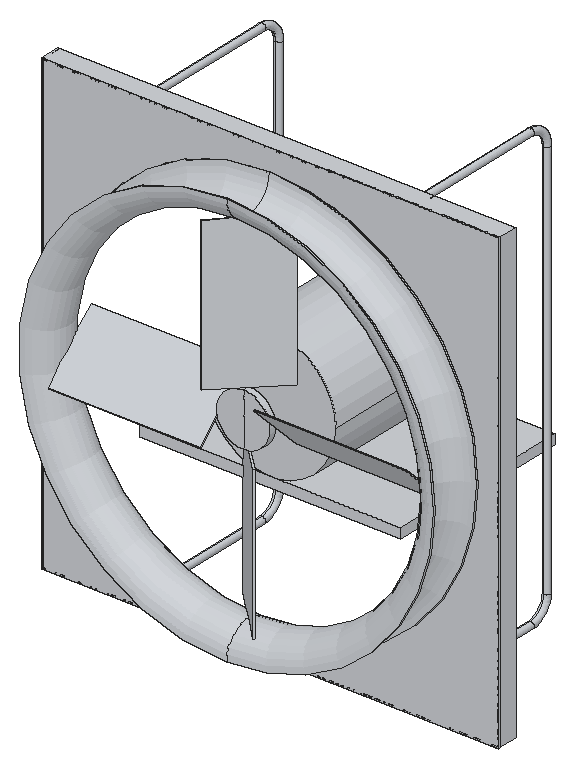
Revit family "EWD_SUPPLY", category Mechanical Equipment, Revit 2019
Family settings
  Round Connector Dimension = Use Diameter
  Part Type = Normal
  Work Plane-Based = No
  Always vertical = Yes
  Cut with Voids When Loaded = No
  Shared = No
  Room Calculation Point = No
Parameters (values of type "54_EWD_SUPPLY")
  Wire_Guard [instance] = no
  Weather_Hood [instance] = no
  Wall_Collar [instance] = no
  WO = A + 1/4"  # 66 7/16"
  WH_B/2 = WH_B / 2  # 35"
  WH_B = 70"
  WH_ANGLE_2 = 92.00°  # constant formula
  WH_ANGLE = 130.00°  # constant formula
  WH_A = 52 5/8"
  WC_C = 64 9/16"
  WC_B = 69 11/16"
  WG_D = 13 7/16"
  WG_B = 67"
  -WH_B/2 = -WH_B / 2  # -35"
  -WC_D = -19 11/16"
  WC_A = 66 1/4"
  -WG_A = -28 7/16"
  Unit Weight [instance] = ""
  Sones [instance] = ""
  Motor RPM [instance] = ""
  Motor Enclosure [instance] = ""
  LwA [instance] = ""
  Fan RPM [instance] = ""
  D/2 = D / 2  # 30"
  D = 60"
  E/2 = E / 2  # 1 1/2"
  E = 3"  # constant formula
  C/2 = C / 2  # 3 27/32"
  C = 7 11/16"
  B/2 = B / 2  # 13 7/8"
  B = 27 3/4"
  A/7 = A / 7  # 9.45536"
  A/3.5 = A / 3.5  # 18.91071"
  A/2 = A / 2  # 33 3/32"
  A = 66 3/16"
  9" = 9"  # constant formula
  3" = 3"  # constant formula
  Brake Hp [instance] = ""
  4" = 4"  # constant formula
  2' = 24"
  2" = 2"  # constant formula
  1" = 1"  # constant formula
  0 = 0"  # constant formula
  Voltage [instance] = 0 V
  URL = "www.lorencook.com"
  Type Comments = "Wall Supply Fan Extruded Aluminum Propeller Direct Drive"  # constant formula
  Static Pressure [instance] = 0.00 in-wg
  Power [instance] = Voltage * Motor FLA * sqrt(if(Phase = 3, 3, 1))  # 0 VA
  Phase [instance] = 0
  Number of Poles [instance] = 1
  Motor Hp [instance] = "0"
  Motor FLA [instance] = 0 A
  Model = "EWD_Supply"  # constant formula
  Manufacturer = "Loren Cook Company"
  CFM [instance] = 0 CFM
  1.5 = 1 1/2"  # constant formula
  .5" = 1/2"  # constant formula
  .125 = 1/8"  # constant formula
  -D = -E  # -3"
  -C/2 = -C / 2  # -3 27/32"
  -B+1" = -B + 1"  # -26 3/4"
  -B = -B  # -27 3/4"
  -((SIZE/2)-.25") = -23 3/4"
  -((A/2)-C-.5") = -((A / 2) - C - 1/2")  # -24 29/32"
  (SIZE/2)-.25" = 23 3/4"
  (D_SUP/2)-(C/2)-.125" = (D / 2) - (C / 2) - 1/8"  # 26 1/32"
  (A/2)-C-.5" = (A / 2) - C - 1/2"  # 24 29/32"
  (A/2)-1" = (A / 2) - 1/4"  # 32 27/32"
Types (7): name | WO | WH_B/2 | WH_B | WH_A | WC_C | WC_B | WG_D | WG_B | -WH_B/2 | -WC_D | WC_A | -WG_A | D/2 | D | C/2 | C | B/2 | B | A/7 | A/3.5 | A/2 | A | -C/2 | -B+1" | -B | -((SIZE/2)-.25") | -((A/2)-C-.5") | (SIZE/2)-.25" | (D_SUP/2)-(C/2)-.125" | (A/2)-C-.5" | (A/2)-1"
  (no name) | 66 7/16" | 35" | 70" | 52 5/8" | 64 9/16" | 69 11/16" | 13 7/16" | 67" | -35" | -19 11/16" | 66 1/4" | -28 7/16" | 30" | 60" | 3 27/32" | 7 11/16" | 13 7/8" | 27 3/4" | 9.45536" | 18.91071" | 33 3/32" | 66 3/16" | -3 27/32" | -26 3/4" | -27 3/4" | -23 3/4" | -24 29/32" | 23 3/4" | 26 1/32" | 24 29/32" | 32 27/32"
  24_EWD_SUPPLY | 36 7/16" | 20" | 40" | 31 7/16" | 34 7/16" | 39 9/16" | 12 9/16" | 37" | -20" | -18 11/16" | 36 1/4" | -20 9/16" | 15" | 30" | 3 1/2" | 7" | 7 5/16" | 14 5/8" | 5.16964" | 10.33929" | 18 3/32" | 36 3/16" | -3 1/2" | -13 5/8" | -14 5/8" | -11 3/4" | -10 19/32" | 11 3/4" | 11 3/8" | 10 19/32" | 17 27/32"
  30_EWD_SUPPLY | 42 7/16" | 23" | 46" | 35 11/16" | 40 1/2" | 45 9/16" | 12 9/16" | 43" | -23" | -19 7/16" | 42 1/4" | -20 9/16" | 18" | 36" | 3 13/32" | 6 13/16" | 7 5/16" | 14 5/8" | 6.02679" | 12.05357" | 21 3/32" | 42 3/16" | -3 13/32" | -13 5/8" | -14 5/8" | -14 3/4" | -13 25/32" | 14 3/4" | 14 15/32" | 13 25/32" | 20 27/32"
  36_EWD_SUPPLY | 48 7/16" | 26" | 52" | 39 15/16" | 46 1/2" | 51 5/8" | 12 9/16" | 49" | -26" | -19 7/16" | 48 1/4" | -25 9/16" | 21" | 42" | 3 5/8" | 7 1/4" | 11" | 22" | 6.88393" | 13.76786" | 24 3/32" | 48 3/16" | -3 5/8" | -21" | -22" | -17 3/4" | -16 11/32" | 17 3/4" | 17 1/4" | 16 11/32" | 23 27/32"
  42_EWD_SUPPLY | 54 7/16" | 29" | 58" | 44 3/16" | 52 1/2" | 57 5/8" | 13 7/16" | 55" | -29" | -19 11/16" | 54 1/4" | -28 7/16" | 24" | 48" | 3 13/16" | 7 5/8" | 12" | 24" | 7.74107" | 15.48214" | 27 3/32" | 54 3/16" | -3 13/16" | -23" | -24" | -20 3/4" | -18 31/32" | 20 3/4" | 20 1/16" | 18 31/32" | 26 27/32"
  48_EWD_SUPPLY | 60 7/16" | 32" | 64" | 48 7/16" | 58 9/16" | 63 11/16" | 13 7/16" | 61" | -32" | -19 11/16" | 60 1/4" | -28 7/16" | 27" | 54" | 3 7/8" | 7 3/4" | 12" | 24" | 8.59821" | 17.19643" | 30 3/32" | 60 3/16" | -3 7/8" | -23" | -24" | -23 3/4" | -21 27/32" | 23 3/4" | 23" | 21 27/32" | 29 27/32"
  54_EWD_SUPPLY | 66 7/16" | 35" | 70" | 52 5/8" | 64 9/16" | 69 11/16" | 13 7/16" | 67" | -35" | -19 11/16" | 66 1/4" | -28 7/16" | 30" | 60" | 3 27/32" | 7 11/16" | 13 7/8" | 27 3/4" | 9.45536" | 18.91071" | 33 3/32" | 66 3/16" | -3 27/32" | -26 3/4" | -27 3/4" | -23 3/4" | -24 29/32" | 23 3/4" | 26 1/32" | 24 29/32" | 32 27/32"
Reference planes (in)
  plane 1 "Center (Front/Back)": y = 0
  plane 2: z = 0
  plane 3 "Center (Left/Right)": x = 0.40541
  plane 4: y = 1.5
Forms (in)
  Revolve 1, solid
    sketch origin (0.40541, 0, 0) x (0, 1, 0) y (0, 0, 1)
      loop
        line (-4.84375, 3.84375) -> (-4.84375, 0) -> (-3.84375, 0) -> (-3.84375, 3.84375) -> (-4.84375, 3.84375)
      axis (-4.84375, 0) -> (-3.84375, 0)
    angle from 0 to 360
  Extrusion 2, solid
    sketch origin (0.40541, 0, 0) x (0, 1, 0) y (0, 0, 1)
      loop
        line (0, -3.84375) -> (-7.6875, 3.84375) -> (-7.77589, 3.75536) -> (-0.08839, -3.93214) -> (0, -3.84375)
    from 30 to 3.84375 <- "C/2"
  Extrusion 3, solid
    sketch origin (0.40541, 0, 0) x (0, 1, 0) y (-1, 0, 0)
      loop
        line (0, -3.84375) -> (-7.6875, 3.84375) -> (-7.77589, 3.75536) -> (-0.08839, -3.93214) -> (0, -3.84375)
    from 30 to 3.84375 <- "C/2"
  Extrusion 4, solid
    sketch origin (0.40541, 0, 0) x (0, 1, 0) y (0, 0, -1)
      loop
        line (0, -3.84375) -> (-7.6875, 3.84375) -> (-7.77589, 3.75536) -> (-0.08839, -3.93214) -> (0, -3.84375)
    from 30 to 3.84375 <- "C/2"
  Extrusion 5, solid
    sketch origin (0.40541, 0, 0) x (1, 0, 0) y (0, 1, 0)
      loop
        line (-3.84375, 0) -> (-3.93214, -0.08839) -> (3.75536, -7.77589) -> (3.84375, -7.6875) -> (-3.84375, 0)
    from -30 to -3.84375 <- "-C/2"
  Extrusion 6, void
    sketch origin (0, 0, 0) x (1, 0, 0) y (0, 0, 1)
      loop
        circle (0.40541, 0) r 26.03125
      loop
        circle (0.40541, 0) r 40
    from 0 to 9 <- "9""
  Extrusion 7, solid
    sketch origin (0, 0, 0) x (1, 0, 0) y (0, 0, 1)
      loop
        line (-32.68834, 33.09375) -> (-32.68834, -33.09375) -> (33.49916, -33.09375) -> (33.49916, 33.09375) -> (-32.68834, 33.09375)
      loop
        circle (0.40541, 0) r 30
    from 0 to -0.125
  Extrusion 8, solid
    sketch origin (0, 0, 0) x (1, 0, 0) y (0, 0, 1)
      loop
        line (-32.68834, 33.09375) -> (-32.68834, -33.09375) -> (33.49916, -33.09375) -> (33.49916, 33.09375) -> (-32.68834, 33.09375)
      loop
        line (33.37416, -32.96875) -> (33.37416, 32.96875) -> (-32.56334, 32.96875) -> (-32.56334, -32.96875) -> (33.37416, -32.96875)
    from 0 to -3 <- "-D"
  Extrusion 9, solid
    sketch origin (0, 0, 0) x (1, 0, 0) y (0, 0, 1)
      loop
        circle (0.40541, 0) r 9.45536
    from 0 to -26.75 <- "-B+1""
  Extrusion 10, solid
    sketch origin (0, 0, 0) x (1, 0, 0) y (0, 0, 1)
      loop
        line (-18.5053, -9.45536) -> (-18.5053, -10.95536) -> (19.31613, -10.95536) -> (19.31613, -9.45536) -> (-18.5053, -9.45536)
    from 0 to -27.75 <- "-B"
  Sweep 11, solid
    path origin (0.40541, 0, 0) x (0, 1, 0) y (0, 0, 1)
      loop
        line (0.125, 31.96875) -> (22.75, 31.96875)
        arc (22.75, 31.96875) -> (24.87132, 31.09007) -> (25.75, 28.96875) r 3
        line (25.75, 28.96875) -> (25.75, -28.96875)
        arc (25.75, -28.96875) -> (24.87132, -31.09007) -> (22.75, -31.96875) r 3
        line (22.75, -31.96875) -> (0.125, -31.96875)
    profile origin (0.40541, 11.4375, 31.96875) x (0, 0, 1) y (1, 0, 0)
      loop
        circle (0, -19.41071) r 0.5
      loop
        circle (0, 19.41071) r 0.5
  Revolve 12, solid
    sketch origin (0.40541, 0, 0) x (0, 1, 0) y (0, 0, 1)
      loop
        arc (-0.125, 30) -> (-3.96875, 26.15625) -> (-7.8125, 30) r 3.84375
        line (-7.8125, 30) -> (-7.9375, 30)
        arc (-7.9375, 30) -> (-3.96875, 26.03125) -> (0, 30) r 3.96875
        line (0, 30) -> (-0.125, 30)
      axis (-7.9375, 0) -> (0, 0)
    angle from 0 to 360
  Extrusion 13, solid, material "Glass", visible <- "Wire_Guard"
    sketch origin (0, 1.5, 54.67245) x (0, 0, 1) y (-1, 0, 0)
      loop
        line (-21.17245, -33.90541) -> (-21.17245, 33.09459) -> (-88.17245, 33.09459) -> (-88.17245, -33.90541) -> (-21.17245, -33.90541)
    from -28.4375 <- "-WG_A" to 13.4375 <- "WG_D"
  Extrusion 14, solid, visible <- "Wall_Collar"
    sketch origin (0, 3, 0) x (-1, 0, 0) y (0, 0, 1)
      loop
        line (32.71959, 33.125) -> (-33.53041, 33.125) -> (-33.53041, -33.125) -> (32.71959, -33.125) -> (32.71959, 33.125)
      loop
        line (-33.65541, -33.25) -> (32.84459, -33.25) -> (32.84459, 33.25) -> (-33.65541, 33.25) -> (-33.65541, -33.25)
    from 0 to -19.6875 <- "-WC_D"
  Extrusion 15, solid, visible <- "Wall_Collar"
    sketch origin (0, -16.6875, 0) x (1, 0, 0) y (0, 0, 1)
      loop
        line (-34.43834, 34.84375) -> (-34.43834, -34.84375) -> (35.24916, -34.84375) -> (35.24916, 34.84375) -> (-34.43834, 34.84375)
      loop
        line (32.68666, -32.28125) -> (32.68666, 32.28125) -> (-31.87584, 32.28125) -> (-31.87584, -32.28125) -> (32.68666, -32.28125)
    from 0 to -0.125
  Extrusion 16, solid, visible <- "Weather_Hood"
    sketch origin (0.40541, 0, 0) x (0, 1, 0) y (0, 0, 1)
      loop
        line (-16.6875, 35) -> (-48.06864, 35) -> (-69.3125, 9.68255) -> (-19.6875, -35) -> (-16.6875, -35) -> (-16.6875, 35)
    from -35 <- "-WH_B/2" to 35 <- "WH_B/2"
  Extrusion 17, solid, visible <- "Weather_Hood"
    sketch origin (0.40541, -16.6875, -35) x (0, 0, 1) y (1, 0, 0)
      loop
        line (71.5, -36.5) -> (71.5, 36.5) -> (-1.5, 36.5) -> (-1.5, -36.5) -> (71.5, -36.5)
      loop
        line (0, 35) -> (0, -35) -> (70, -35) -> (70, 35) -> (0, 35)
    from 0 to -0.125
Cuts and joins
  Extrusion 6 cuts Revolve 1
  Extrusion 6 cuts Extrusion 2
  Extrusion 6 cuts Extrusion 3
  Extrusion 6 cuts Extrusion 4
  Extrusion 6 cuts Extrusion 5
Dimensions and locks (in)
  "0": Revolve 1 sketch curve to level  (x2)
  "C/2": Revolve 1 sketch curve to level
  "C/2": plane 1 "Center (Front/Back)" to Revolve 1 sketch curve
  "1"": Revolve 1 sketch curve to Revolve 1 sketch curve
  "0": Extrusion 2 sketch curve to plane 1 "Center (Front/Back)"
  "C": plane 1 "Center (Front/Back)" to Extrusion 2 sketch curve
  "C/2": Extrusion 2 sketch curve to level
  "C/2": level to Extrusion 2 sketch curve
  ".125": Extrusion 2 sketch curve to Extrusion 2 sketch curve
  ".125": Extrusion 3 sketch curve to Extrusion 3 sketch curve
  ".125": Extrusion 4 sketch curve to Extrusion 4 sketch curve
  ".125": Extrusion 5 sketch curve to Extrusion 5 sketch curve
  Extrusion 6 sketch curve to plane 3 "Center (Left/Right)" = 0"  (x2)
  level to Extrusion 6 sketch curve = 0"
  Extrusion 6 sketch curve to level = 0"
  "0": Extrusion 3 sketch curve to plane 1 "Center (Front/Back)"
  "C": Extrusion 3 sketch curve to plane 1 "Center (Front/Back)"
  "C/2": plane 3 "Center (Left/Right)" to Extrusion 3 sketch curve
  "C/2": Extrusion 3 sketch curve to plane 3 "Center (Left/Right)"
  "C": plane 1 "Center (Front/Back)" to Extrusion 4 sketch curve
  "0": Extrusion 4 sketch curve to plane 1 "Center (Front/Back)"
  "C/2": level to Extrusion 4 sketch curve
  "C/2": Extrusion 4 sketch curve to level
  "0": Extrusion 5 sketch curve to plane 1 "Center (Front/Back)"
  "C": Extrusion 5 sketch curve to plane 1 "Center (Front/Back)"
  "C/2": plane 3 "Center (Left/Right)" to Extrusion 5 sketch curve
  "C/2": Extrusion 5 sketch curve to plane 3 "Center (Left/Right)"
  "A/2": plane 3 "Center (Left/Right)" to Extrusion 7 sketch curve
  "A/2": Extrusion 7 sketch curve to plane 3 "Center (Left/Right)"
  "A/2": Extrusion 7 sketch curve to level
  "A/2": level to Extrusion 7 sketch curve
  "0": Extrusion 7 sketch curve to level
  "0": Extrusion 7 sketch curve to plane 3 "Center (Left/Right)"
  ".125": Extrusion 8 sketch curve to Extrusion 8 sketch curve  (x4)
  "A/2": plane 3 "Center (Left/Right)" to Extrusion 8 sketch curve  (x2)
  "A/2": level to Extrusion 8 sketch curve
  "A/2": Extrusion 8 sketch curve to level
  "0": Extrusion 9 sketch curve to level
  "0": Extrusion 9 sketch curve to plane 3 "Center (Left/Right)"
  "A/7": level to Extrusion 10 sketch curve
  "1.5": Extrusion 10 sketch curve to Extrusion 10 sketch curve
  "A/3.5": Extrusion 10 sketch curve to plane 3 "Center (Left/Right)"
  "A/3.5": plane 3 "Center (Left/Right)" to Extrusion 10 sketch curve
  "1"": Extrusion 9 to Sweep 11 sketch curve
  ".125": Sweep 11 sketch curve to plane 1 "Center (Front/Back)"  (x2)
  "1"": Extrusion 8 to Sweep 11 sketch curve  (x2)
  "0": Sweep 11 sketch curve to profile plane  (x2)
  ".5"": Sweep 11 sketch curve to Extrusion 10  (x2)
  "0": Revolve 12 sketch curve to level
  "D/2": Revolve 12 sketch curve to level  (x2)
  "C": Revolve 12 sketch curve to Revolve 12 sketch curve
  ".125": plane 1 "Center (Front/Back)" to Revolve 12 sketch curve
  ".125": Revolve 12 sketch curve to Revolve 12 sketch curve  (x2)
  "0": Revolve 12 sketch curve to Revolve 12 sketch curve
  "1.5": plane 4 to plane 1 "Center (Front/Back)"
  equal spacing: Extrusion 13 sketch curve, plane 3 "Center (Left/Right)", Extrusion 13 sketch curve
  equal spacing: Extrusion 13 sketch curve, level, Extrusion 13 sketch curve
  "WG_B": Extrusion 13 sketch curve to Extrusion 13 sketch curve  (x2)
  equal spacing: Extrusion 14 sketch curve, plane 3 "Center (Left/Right)", Extrusion 14 sketch curve  (x2)
  equal spacing: Extrusion 14 sketch curve, level, Extrusion 14 sketch curve  (x2)
  "WC_A": Extrusion 14 sketch curve to Extrusion 14 sketch curve  (x2)
  ".125": Extrusion 14 sketch curve to Extrusion 14 sketch curve  (x2)
  equal spacing: Extrusion 15 sketch curve, plane 3 "Center (Left/Right)", Extrusion 15 sketch curve  (x2)
  equal spacing: Extrusion 15 sketch curve, level, Extrusion 15 sketch curve  (x2)
  "WC_C": Extrusion 15 sketch curve to Extrusion 15 sketch curve  (x2)
  "WC_B": Extrusion 15 sketch curve to Extrusion 15 sketch curve  (x2)
  equal spacing: Extrusion 16 sketch curve, level, Extrusion 16 sketch curve
  "WH_B": Extrusion 16 sketch curve to Extrusion 16 sketch curve
  "WH_A": Extrusion 16 sketch curve to Extrusion 16 sketch curve
  "3"": Extrusion 16 sketch curve to Extrusion 16 sketch curve
  "0": Extrusion 16 sketch curve to Extrusion 15
  equal spacing: Extrusion 17 sketch curve, plane 3 "Center (Left/Right)", Extrusion 17 sketch curve  (x2)
  equal spacing: Extrusion 17 sketch curve, level, Extrusion 17 sketch curve  (x2)
  "WH_B": Extrusion 17 sketch curve to Extrusion 17 sketch curve  (x2)
  "1.5": Extrusion 17 sketch curve to Extrusion 17 sketch curve  (x2)
  "(D_SUP/2)-(C/2)-.125"": radius of Extrusion 6 sketch curve
  "D/2": radius of Extrusion 7 sketch curve
  "A/7": radius of Extrusion 9 sketch curve
  "3"": radius of Sweep 11 sketch curve  (x2)
  ".5"": radius of Sweep 11 sketch curve  (x2)
  "WH_ANGLE": angle Extrusion 16 sketch curve to Extrusion 16 sketch curve
  "WH_ANGLE_2": angle Extrusion 16 sketch curve to Extrusion 16 sketch curve
Automatic sketch dimensions
  Revolve 1 sketch curve to plane 1 "Center (Front/Back)" = 0"
  Revolve 1 sketch curve to Revolve 1 sketch curve = 26"
  plane 1 "Center (Front/Back)" to Revolve 12 sketch curve = 3 1/4"
  Revolve 12 sketch curve to Revolve 12 sketch curve = 1.44822"
  radius of Extrusion 6 sketch curve = 40"
Connectors (in)
  hvac at (0.40541, 3, 0), driven by "WO", driven by "WO", driven by "CFM"
    settings: on Extrusion 8, index 1, duct flow 0 CFM, flow factor 0, pres drop 0.00 in-wg, loss coef 0, conn angle 0.00°, conn width 66 7/16", conn height 66 7/16", conn diameter 24", duct sys type 1, conn prof type 1, flow config 0, flow direction 1, loss method 0, conn ref index -1, conn util no, is conn primary yes, conn desc ""
  electrical at (0.40541, 26.75, 0)
    settings: on Extrusion 9, index 2, voltage 0 V, apparent load 0 VA, apparent load phase1 0 VA, apparent load phase2 0 VA, apparent load phase3 0 VA, power factor 1, load classification "Other", number of poles 1, system type 30, power factor state 1, is connector primary yes, connector utility no, sub classification motor no, connector description ""
